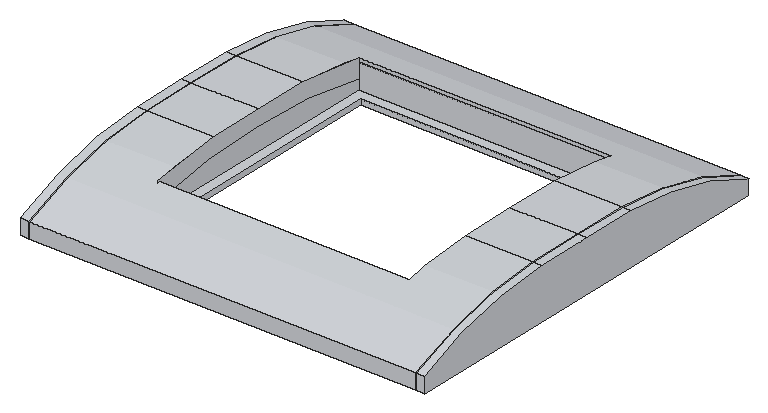
Revit family "Gira_1002733", category Electrical Fixtures, host Face, Revit 2017
Family settings
  Host = Face
  Maintain Annotation Orientation = No
  Round Connector Dimension = Use Diameter
  Part Type = Normal
  Cut with Voids When Loaded = No
  Shared = No
  Room Calculation Point = No
Parameters (values of type "Cov.fr. 2-g w/o cb interm.fr. PW Gira Event Clear black")
  With mounting grid = "No"
  With hinged lid = "No"
  URL = "http://katalog.gira.de/en/datenblatt.html?artikelnr=1002733"
  Type of fastening = "Clamp mounting"
  Transparent = "No"
  Surface protection = "Other"
  Surface finishing = "Glossy"
  Suitable for wall duct = "No"
  Suitable for flush-mounted installation = "Yes"
  Suitable for floor box = "No"
  Suitable for built-in installation = "No"
  Number of units vertical = "2"
  Number of units horizontal = "2"
  Number of units = "2"
  Name = "Cov.fr. 2-g w/o cb interm.fr. PW Gira Event Clear black"
  Mounting direction = "Horizontal and vertical"
  Material quality = "Thermoplastic"
  Material = "Plastic"
  Manufacturer URL = "https://www.gira.de/"
  Manufacturer = "Gira"
  Label space/information surface = "No"
  Keynote = ""
  HeinzeBIM = "https://bimportal.heinze.de/bim/cov-fr-2-g-w-o-cb-interm-fr-pw-gira-event-clear-black/43b185584b02fe941c015d2d269585b8e1a20fa7"
  Halogen free = "Yes"
  HAN = "1002733"
  GTIN = "4010337070214"
  Description = "Cov.fr.2g w o cb i.fr.PW EvCl BK,Gira Event Clear cover frame,black with pure white glossy intermediate frame,2-gang without crossbar,Features:,- Shatter-proof."
  Degree of protection (IP) = "IP20"
  Default Elevation = 1219.2 mm
  Data sheet (1) = "https://katalog.gira.de/en/download.html?artikelnr=1002733"
  Colour = "Black"
  Category = "Cover frame for domestic switching devices"
  BIM (1) = "https://media.stage.bim.site/public/gira/36a6b08/Event_Rahmen_2fach o.Mittelsteg.rfa?public/gira/36a6b08/Event_Rahmen_2fach o.Mittelsteg.rfa"
  Available = "No"
Reference planes
  plane 1 "Center (Front/Back)": y = 0
  plane 2: z = 0
  plane 3 "Center (Left/Right)": x = 0
Forms (mm)
  Extrusion 1, solid, detail levels fine
    sketch origin (0, 0, 1.55) x (0, 1, 0) y (0, 0, 1)
      loop
        arc (12.445, 9.683) -> (6.223, 9.833) -> (0, 9.85) r 291.636
        arc (0, 9.85) -> (-6.223, 9.833) -> (-12.445, 9.683) r 291.636
        arc (-12.445, 9.683) -> (-29.14, 7.482) -> (-45, 1.823) r 79.728
        line (-45, 1.823) -> (-45, -1.55) -> (-41.777, -1.55) -> (-41.777, -0.55)
        arc (-41.777, -0.55) -> (-21.205, 4.846) -> (0, 6.467) r 118.15
        arc (0, 6.467) -> (21.205, 4.846) -> (41.777, -0.55) r 118.15
        line (41.777, -0.55) -> (41.777, -1.55) -> (45, -1.55) -> (45, 1.823)
        arc (45, 1.823) -> (29.14, 7.482) -> (12.445, 9.683) r 79.728
    from -43 to 43
  Extrusion 2, void, detail levels fine
    sketch origin (0, 0, 0) x (1, 0, 0) y (0, 1, 0)
      loop
        line (-28, -28) -> (28, -28) -> (28, 28) -> (-28, 28) -> (-28, -28)
    from 2.85 to 12
  Extrusion 3, solid, detail levels coarse
    sketch origin (0, 0, 0) x (1, 0, 0) y (0, 1, 0)
      loop
        line (-45, 45) -> (-45, -45) -> (45, -45) -> (45, 45) -> (-45, 45)
    from 0 to 11.4
  Extrusion 4, solid, detail levels medium
    sketch origin (0, 0, 1.55) x (0, 1, 0) y (0, 0, 1)
      loop
        arc (12.445, 9.683) -> (6.223, 9.833) -> (0, 9.85) r 291.636
        arc (0, 9.85) -> (-6.223, 9.833) -> (-12.445, 9.683) r 291.636
        arc (-12.445, 9.683) -> (-29.14, 7.482) -> (-45, 1.823) r 79.728
        line (-45, 1.823) -> (-45, -1.55) -> (45, -1.55) -> (45, 1.823)
        arc (45, 1.823) -> (29.14, 7.482) -> (12.445, 9.683) r 79.728
    from -45 to 45
  Extrusion 5, solid, detail levels fine
    sketch origin (0, 0, 0) x (0, 1, 0) y (0, 0, 1)
      loop
        arc (45, 3.373) -> (29.14, 9.032) -> (12.445, 11.233) r 79.728
        arc (12.445, 11.233) -> (6.223, 11.383) -> (0, 11.4) r 291.636
        arc (0, 11.4) -> (-6.223, 11.383) -> (-12.445, 11.233) r 291.636
        arc (-12.445, 11.233) -> (-29.14, 9.032) -> (-45, 3.373) r 79.728
        line (-45, 3.373) -> (-45, 0) -> (45, 0) -> (45, 3.373)
    from 43 to 45
  Extrusion 6, solid, detail levels fine
    sketch origin (0, 0, 0) x (0, 1, 0) y (0, 0, -1)
      loop
        line (45, -3.373) -> (45, 0) -> (-45, 0) -> (-45, -3.373)
        arc (-45, -3.373) -> (-29.14, -9.032) -> (-12.445, -11.233) r 79.728
        arc (-12.445, -11.233) -> (-6.223, -11.383) -> (0, -11.4) r 291.636
        arc (0, -11.4) -> (6.223, -11.383) -> (12.445, -11.233) r 291.636
        arc (12.445, -11.233) -> (29.14, -9.032) -> (45, -3.373) r 79.728
    from 43 to 45
  Extrusion 7, solid, detail levels fine
    sketch origin (0, 0, 0) x (1, 0, 0) y (0, 1, 0)
      loop
        line (-25.7, 25.7) -> (-25.7, -25.7) -> (25.7, -25.7) -> (25.7, 25.7) -> (-25.7, 25.7)
      loop
        line (-29.495, 27.895) -> (-29.495, -27.895)
        spline (-29.495, -27.895) -> (-29.486, -28.025) -> (-29.461, -28.154) -> (-29.419, -28.278) -> (-29.361, -28.395) -> (-29.288, -28.504) -> (-29.202, -28.602) -> (-29.104, -28.688) -> (-28.995, -28.761) -> (-28.878, -28.819) -> (-28.754, -28.861) -> (-28.625, -28.886) -> (-28.495, -28.895)
        line (-28.495, -28.895) -> (28.495, -28.895)
        spline (28.495, -28.895) -> (28.625, -28.886) -> (28.754, -28.861) -> (28.878, -28.819) -> (28.995, -28.761) -> (29.104, -28.688) -> (29.202, -28.602) -> (29.288, -28.504) -> (29.361, -28.395) -> (29.419, -28.278) -> (29.461, -28.154) -> (29.486, -28.025) -> (29.495, -27.895)
        line (29.495, -27.895) -> (29.495, 27.895)
        spline (29.495, 27.895) -> (29.486, 28.025) -> (29.461, 28.154) -> (29.419, 28.278) -> (29.361, 28.395) -> (29.288, 28.504) -> (29.202, 28.602) -> (29.104, 28.688) -> (28.995, 28.761) -> (28.878, 28.819) -> (28.754, 28.861) -> (28.625, 28.886) -> (28.495, 28.895)
        line (28.495, 28.895) -> (-28.495, 28.895)
        spline (-28.495, 28.895) -> (-28.625, 28.886) -> (-28.754, 28.861) -> (-28.878, 28.819) -> (-28.995, 28.761) -> (-29.104, 28.688) -> (-29.202, 28.602) -> (-29.288, 28.504) -> (-29.361, 28.395) -> (-29.419, 28.278) -> (-29.461, 28.154) -> (-29.486, 28.025) -> (-29.495, 27.895)
    from 1.673 to 8.5
Cuts and joins
  Extrusion 2 cuts Extrusion 1
  Extrusion 2 cuts Extrusion 7
Dimensions and locks
  aligned and locked: plane 2 to host face
  aligned and locked: level to host face
